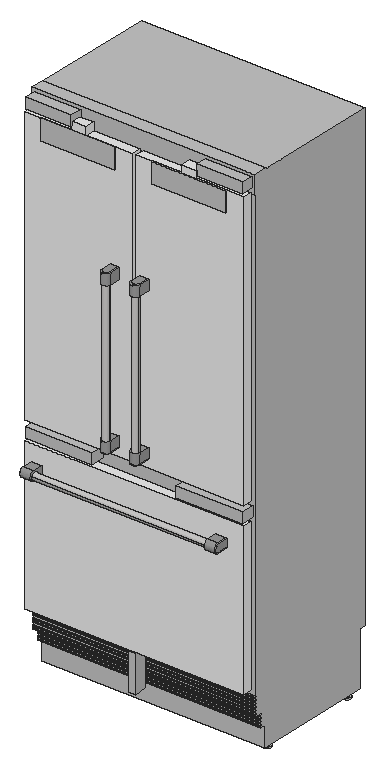
Revit family "FP-Revit20-en-RS9121AUVE1-IntegratedRefrigerator-0-90005532A-AU-NZ-UK-IE-EU-CN", category Specialty Equipment, Revit 2020
Family settings
  Round Connector Dimension = Use Diameter
  Part Type = Normal
  OmniClass Number = 23.40.40.11.11
  OmniClass Title = Refrigerators and Freezers
  Work Plane-Based = No
  Always vertical = Yes
  Cut with Voids When Loaded = Yes
  Shared = No
  Room Calculation Point = No
Parameters (values of type "RS9121AUVE1")
  Visibility - Water Connection = yes
  Visibility - Visibility Control Note = yes
  Visibility - Clearance Required = yes
  URL = "www.fisherpaykel.com"
  Stainless Steel Door Panels (RD9121WRD) = no
  Product - Width = 908 mm  # constant formula
  Product - Height = 2134 mm  # constant formula
  Product - Depth (exl front panel) = 610 mm  # constant formula
  Model = "RS9121AUVE1"
  Material - Handle = Fisher & Paykel - Aluminium
  Material - Door Structure = Fisher & Paykel - White
  Material - Door Front = Fisher & Paykel - Stainless Steel
  Material - Body = Fisher & Paykel - Grey
  Manufacturer = "Fisher & Paykel Appliances"
  Handle Style - Professional Round (AHP3RD9121W) = yes
  Handle Style - Contemporary Square Fine Black (AHD5RD9121WB) = no
  Handle Style - Contemporary Square Fine (AHD5RD9121W) = no
  Handle Style - Contemporary Round (AHSRD9121W) = no
  Description = "Series 11 Integrated Column 90cm"
  Default Elevation = 0 mm
  Connector Description - Water = "1/4\" (6mm) comp. stainless steel braided hose"
  Connector Description - Electrical = "120 V, 10 amp fused electrical supply"
  Cavity - Width = 914 mm  # constant formula
  Cavity - Height = 2134 mm  # constant formula
  Cavity - Depth = 635 mm  # constant formula
Reference planes
  plane 1 "Datum": y = 0
  plane 2: z = 0
  plane 3 "Center (Left/Right)": x = 0
  plane 4 "Product LHS": x = -454
  plane 5 "Product RHS": x = 454
  plane 6 "Product - Depth": y = 610
  plane 7 "Cavity LHS": x = -457
  plane 8 "Cavity RHS": x = 457
  plane 9 "Cavity - Depth": y = 635
  plane 10 "Product Height": z = 2134
  plane 11 "Cavity Height": z = 2134
  plane 12 "Door Panel Datum": y = -4.1
  plane 13 "KNOB 33": x = -390
  plane 14: x = -226
Forms (mm)
  Extrusion 1, solid, material "Fisher & Paykel - Grey" <- "Material - Body", detail levels fine
    sketch origin (0, 0, 0) x (0, 1, 0) y (0, 0, 1)
      loop
        line (100.1, 19.1) -> (587.9, 19.1) -> (587.9, 239.7) -> (610, 239.7) -> (610, 2132.3) -> (105.1, 2132.3) -> (105.1, 2134) -> (49.9, 2134) -> (49.9, 2059) -> (56, 2059) -> (56, 228.6) -> (59.5, 228.6) -> (59.5, 219.7) -> (56.5, 219.7) -> (56.5, 215.9) -> (59.5, 215.9) -> (59.5, 207) -> (56.5, 207) -> (56.5, 203.2) -> (59.5, 203.2) -> (59.5, 194.3) -> (56.5, 194.3) -> (56.5, 190.5) -> (59.5, 190.5) -> (59.5, 181.6) -> (56.5, 181.6) -> (56.5, 177.8) -> (59.5, 177.8) -> (59.5, 168.9) -> (56.5, 168.9) -> (56.5, 165.1) -> (59.5, 165.1) -> (59.5, 156.2) -> (56.5, 156.2) -> (56.5, 152.4) -> (84.1, 152.4) -> (84.1, 143.5) -> (81.1, 143.5) -> (81.1, 139.7) -> (84.1, 139.7) -> (84.1, 130.8) -> (81.1, 130.8) -> (81.1, 127) -> (84.1, 127) -> (84.1, 118.1) -> (81.1, 118.1) -> (81.1, 114.3) -> (84.1, 114.3) -> (84.1, 105.4) -> (81.1, 105.4) -> (81.1, 101.6) -> (100.1, 101.6) -> (100.1, 19.1)
    from -454 to 454
  Extrusion 2, solid, material "Fisher & Paykel - Grey" <- "Material - Body"
    sketch origin (0, 0, 0) x (1, 0, 0) y (0, 1, 0)
      loop
        circle (-433.5, 547.8) r 4.1
      loop
        circle (-433.5, 141.8) r 4.1
      loop
        circle (433.5, 547.8) r 4.1
      loop
        circle (433.5, 141.8) r 4.1
    from 3 to 19.1
  Extrusion 3, solid, material "Fisher & Paykel - Grey" <- "Material - Body"
    sketch origin (0, 0, 0) x (1, 0, 0) y (0, 1, 0)
      loop
        circle (-433.5, 547.8) r 14.5
      loop
        circle (-433.5, 141.8) r 14.555
      loop
        circle (433.5, 547.8) r 14.5
      loop
        circle (433.5, 141.8) r 14.555
    from 0 to 3
  Extrusion 4, solid, material "Fisher & Paykel - Grey" <- "Material - Body", detail levels fine
    sketch origin (0, 0, 0) x (1, 0, 0) y (0, 1, 0)
      loop
        line (-7.5, 49) -> (-13.797, -4.1) -> (13.797, -4.1) -> (7.5, 49) -> (-7.5, 49)
    from 104.2 to 253.8
  Extrusion 5, solid, material "Fisher & Paykel - Grey" <- "Material - Body", detail levels fine
    sketch origin (-226, 32.5, 1200) x (0, 1, 0) y (0, 0, 1)
      loop
        line (-32.5, 870.6) -> (-32.5, 788.6) -> (-30.5, 788.6) -> (-30.5, 868.6) -> (-28.5, 868.6) -> (-28.5, 870.6) -> (-32.5, 870.6)
    from -150 to 150
  Extrusion 6, solid, material "Fisher & Paykel - Grey" <- "Material - Body"
    sketch origin (0, 0, 0) x (1, 0, 0) y (0, 0, 1)
      loop
        circle (379, 119.813) r 5
      loop
        circle (-379, 119.813) r 5
    from -590 to -587.9
  Extrusion 7, solid, material "Fisher & Paykel - White" <- "Material - Door Structure"
    sketch origin (0, 0, 0) x (1, 0, 0) y (0, 1, 0)
      loop
        line (-429, 56) -> (-429, 42) -> (429, 42) -> (429, 56) -> (-429, 56)
    from 951.3 to 2030.7
  Extrusion 8, solid, material "Fisher & Paykel - White" <- "Material - Door Structure"
    sketch origin (0, 0, 0) x (1, 0, 0) y (0, 1, 0)
      loop
        line (-445.4, 42) -> (-445.4, 3) -> (-7, 3) -> (-7, 42) -> (-445.4, 42)
      loop
        line (445.4, 3) -> (445.4, 42) -> (7, 42) -> (7, 3) -> (445.4, 3)
    from 943.8 to 2068.6
  Extrusion 9, solid, material "Fisher & Paykel - White" <- "Material - Door Structure", detail levels fine
    sketch origin (0, 0, 0) x (1, 0, 0) y (0, 0, 1)
      loop
        line (-255.5, 2100.1) -> (-255.5, 2068.6) -> (-196.5, 2068.6) -> (-196.5, 2100.1) -> (-255.5, 2100.1)
    from -42 to -3
  Extrusion 10, solid, material "Fisher & Paykel - Stainless Steel" <- "Material - Door Front", visible <- "Stainless Steel Door Panels (RD9121WRD)"
    sketch origin (0, 0, 0) x (0, 1, 0) y (0, 0, 1)
      loop
        line (-22.1, 2130.8) -> (-22.1, 876.3) -> (-4.1, 876.3) -> (-4.1, 2130.8) -> (-22.1, 2130.8)
      loop
        line (-22.1, 102) -> (-4.1, 102) -> (-4.1, 873.1) -> (-22.1, 873.1) -> (-22.1, 102)
    from -454 to 454
  Extrusion 11, solid, material "Fisher & Paykel - Grey" <- "Material - Body", detail levels coarse+medium
    sketch origin (0, 0, 0) x (0, 1, 0) y (0, 0, 1)
      loop
        line (49.9, 2134) -> (49.9, 2059) -> (56, 2059) -> (56, 152.4) -> (81.1, 152.4) -> (81.1, 101.6) -> (100.1, 101.6) -> (100.1, 19.1) -> (587.9, 19.1) -> (587.9, 239.7) -> (610, 239.7) -> (610, 2134) -> (49.9, 2134)
    from -454 to 454
  Extrusion 12, solid, material "Fisher & Paykel - Grey" <- "Material - Body", detail levels fine
    sketch origin (0, 0, -4) x (0, 1, 0) y (0, 0, 1)
      loop
        arc (163.888, 23.1) -> (180.4, 13.63) -> (196.912, 23.1) r 19.13
        line (196.912, 23.1) -> (163.888, 23.1)
      loop
        arc (493.888, 23.1) -> (510.4, 13.63) -> (526.912, 23.1) r 19.13
        line (526.912, 23.1) -> (493.888, 23.1)
    from 191 to 219
  Extrusion 13, solid, material "Fisher & Paykel - Grey" <- "Material - Body", detail levels fine
    sketch origin (0, 0, -4) x (0, 1, 0) y (0, 0, -1)
      loop
        line (163.888, -23.1) -> (196.912, -23.1)
        arc (196.912, -23.1) -> (180.4, -13.63) -> (163.888, -23.1) r 19.13
      loop
        line (493.888, -23.1) -> (526.912, -23.1)
        arc (526.912, -23.1) -> (510.4, -13.63) -> (493.888, -23.1) r 19.13
    from 191 to 219
  Extrusion 14, solid, material "Fisher & Paykel - Clearance Required", visible <- "Visibility - Clearance Required", detail levels coarse
    sketch origin (0, 0, 0) x (1, 0, 0) y (0, 1, 0)
      loop
        line (-457, 635) -> (-457, -4.1) -> (457, -4.1) -> (457, 635) -> (-457, 635)
    from 0 to 2134
  Extrusion 15, void
    sketch origin (0, 0, 0) x (1, 0, 0) y (0, 1, 0)
      loop
        line (-457, 635) -> (-457, -22.1) -> (457, -22.1) -> (457, 635) -> (-457, 635)
    from 0 to 2134
  Extrusion 16, solid, material "Fisher & Paykel - White" <- "Material - Door Structure"
    sketch origin (0, 0, 0) x (1, 0, 0) y (0, 1, 0)
      loop
        line (-445.4, 42) -> (-445.4, 3) -> (445.4, 3) -> (445.4, 42) -> (-445.4, 42)
    from 253.8 to 868.15
  Extrusion 17, solid, material "Fisher & Paykel - White" <- "Material - Door Structure"
    sketch origin (0, 0, 0) x (1, 0, 0) y (0, 1, 0)
      loop
        line (-429, 56) -> (-429, 42) -> (429, 42) -> (429, 56) -> (-429, 56)
    from 269.2 to 858.13
  Extrusion 18, solid, material "Fisher & Paykel - Clearance Required", visible <- "Visibility - Clearance Required", detail levels coarse
    sketch origin (0, 0, 0) x (0, 1, 0) y (0, 0, 1)
      loop
        line (-422.1, 873.1) -> (-422.1, 818.896) -> (-482.1, 818.896) -> (-482.1, 781.896) -> (-422.1, 781.896) -> (-422.1, 101.6) -> (-22.1, 101.6) -> (-22.1, 873.1) -> (-422.1, 873.1)
    from -454 to 454
  Extrusion 19, solid, material "Fisher & Paykel - Clearance Required", visible <- "Visibility - Clearance Required", detail levels coarse
    sketch origin (0, -0.697, 0) x (-1, 0, 0) y (0, -1, 0)
      loop
        arc (-1.5, 21.403) -> (-134.034, 341.369) -> (-454, 473.903) r 452.5
        line (-454, 473.903) -> (-454, 433.258) -> (-514, 433.258) -> (-514, 396.188) -> (-454, 396.188) -> (-454, 21.403) -> (-1.5, 21.403)
      loop
        line (1.5, 21.403) -> (454, 21.403) -> (454, 396.188) -> (514, 396.188) -> (514, 433.258) -> (454, 433.258) -> (454, 473.903)
        arc (454, 473.903) -> (134.034, 341.369) -> (1.5, 21.403) r 452.5
    from 876.3 to 2134
  Extrusion 20, solid, material "Fisher & Paykel - Grey" <- "Material - Body", detail levels coarse+fine
    sketch origin (0, 0, 0) x (1, 0, 0) y (0, 0, 1)
      loop
        line (442.4, 2123.15) -> (255.5, 2123.15) -> (255.5, 2081.05) -> (442.4, 2081.05) -> (442.4, 2123.15)
      loop
        line (-442.4, 2123.15) -> (-442.4, 2081.05) -> (-255.5, 2081.05) -> (-255.5, 2123.15) -> (-442.4, 2123.15)
    from -49 to -2.5
  Extrusion 21, solid, material "Fisher & Paykel - Grey" <- "Material - Body", detail levels fine
    sketch origin (0, 0, 0) x (1, 0, 0) y (0, 0, 1)
      loop
        line (442.4, 877.25) -> (442.4, 919.35) -> (171.42, 919.35) -> (171.42, 877.25) -> (442.4, 877.25)
    from -56 to -2.5
  Extrusion 22, void
    sketch origin (0, -22.1, 1890.8) x (0, 0, 1) y (-1, 0, 0)
      loop
        line (240, 1.5) -> (-1014.5, 1.5) -> (-1014.5, -1.5) -> (240, -1.5) -> (240, 1.5)
    from 0 to -18
  Extrusion 23, solid, material "Fisher & Paykel - Grey" <- "Material - Body", detail levels fine
    sketch origin (226, 32.5, 1200) x (0, 1, 0) y (0, 0, -1)
      loop
        line (-32.5, -870.6) -> (-28.5, -870.6) -> (-28.5, -868.6) -> (-30.5, -868.6) -> (-30.5, -788.6) -> (-32.5, -788.6) -> (-32.5, -870.6)
    from -150 to 150
  Extrusion 24, solid, material "Fisher & Paykel - White" <- "Material - Door Structure", detail levels fine
    sketch origin (0, 0, 0) x (-1, 0, 0) y (0, 0, -1)
      loop
        line (-255.5, -2100.1) -> (-196.5, -2100.1) -> (-196.5, -2068.6) -> (-255.5, -2068.6) -> (-255.5, -2100.1)
    from -42 to -3
  Extrusion 25, solid, material "Fisher & Paykel - Grey" <- "Material - Body", detail levels fine
    sketch origin (0, 0, 0) x (-1, 0, 0) y (0, 0, -1)
      loop
        line (442.4, -877.25) -> (171.42, -877.25) -> (171.42, -919.35) -> (442.4, -919.35) -> (442.4, -877.25)
    from -56 to -2.5
Cuts and joins
  Extrusion 22 cuts Extrusion 10
  Extrusion 22 cuts Extrusion 19
Lines and regions (mm)
  model lines, style "Fisher & Paykel"
    curve 1: line (-454, -4.1, 2130.8) -> (454, -4.1, 2130.8)
    curve 2: line (-454, -4.1, 876.3) -> (-454, -4.1, 2130.8)
    curve 3: line (454, -4.1, 876.3) -> (-454, -4.1, 876.3)
    curve 4: line (454, -4.1, 2130.8) -> (454, -4.1, 876.3)
    curve 5: line (454, -4.1, 873.1) -> (-454, -4.1, 873.1)
    curve 6: line (454, -4.1, 102) -> (454, -4.1, 873.1)
    curve 7: line (-454, -4.1, 102) -> (454, -4.1, 102)
    curve 8: line (-454, -4.1, 873.1) -> (-454, -4.1, 102)
Text (mm)
  text "Due to ongoing product development, product details are subject to change without notice. \nPlease always refer to www.fisherpaykel.com for the most current product information. \n© Fisher & Paykel 2020" at (41.04, -878.295, 0), in view "Ref. Level (Plan)"
Dimensions and locks
  equal spacing: plane 4 "Product LHS", plane 3 "Center (Left/Right)", plane 5 "Product RHS"
  "Product - Width": plane 4 "Product LHS" to plane 5 "Product RHS"
  "Product - Depth (exl front panel)": plane 1 "Datum" to plane 6 "Product - Depth"
  equal spacing: plane 7 "Cavity LHS", plane 3 "Center (Left/Right)", plane 8 "Cavity RHS"
  "Cavity - Width": plane 7 "Cavity LHS" to plane 8 "Cavity RHS"
  "Cavity - Depth": plane 9 "Cavity - Depth" to plane 1 "Datum"
  plane 4 "Product LHS" to Extrusion 2 sketch curve = 24.6 mm
  Extrusion 6 sketch curve to Extrusion 1 = 119.887 mm  (x2)
  Extrusion 6 sketch curve to plane 5 "Product RHS" = 75 mm
  plane 4 "Product LHS" to Extrusion 6 sketch curve = 75 mm
  Extrusion 1 sketch curve to Extrusion 1 sketch curve = 82.5 mm
  Extrusion 1 sketch curve to Extrusion 1 sketch curve = 209.5 mm
  Extrusion 1 sketch curve to Extrusion 1 sketch curve = 220.6 mm
  Extrusion 3 to level = 3 mm
  Extrusion 11 to Extrusion 8 = 924.7 mm
  Extrusion 11 to Extrusion 7 = 932.2 mm
  Extrusion 11 to Extrusion 11 = 2114.9 mm
  Extrusion 11 to Extrusion 10 = 82.9 mm
  "Product - Height": level to plane 10 "Product Height"
  plane 10 "Product Height" to Extrusion 10 = 3.2 mm
  Extrusion 8 to plane 10 "Product Height" = 65.4 mm
  Extrusion 7 to plane 10 "Product Height" = 103.3 mm
  Extrusion 11 sketch curve to plane 10 "Product Height" = 75 mm
  Extrusion 1 sketch curve to plane 10 "Product Height" = 1.7 mm
  Extrusion 1 sketch curve to plane 10 "Product Height" = 75 mm
  "Cavity - Height": plane 11 "Cavity Height" to level
  plane 1 "Datum" to Extrusion 14 = 635 mm
  plane 1 "Datum" to Extrusion 15 = 635 mm
  Extrusion 15 to level = 2134 mm
  radius of Extrusion 6 sketch curve = 5 mm
  aligned and locked: level to plane 2
  aligned and locked: Extrusion 10 to plane 5 "Product RHS"
  aligned and locked: plane 4 "Product LHS" to Extrusion 10
  aligned and locked: Extrusion 11 to plane 5 "Product RHS"
  aligned and locked: Extrusion 11 to plane 4 "Product LHS"
  aligned and locked: Extrusion 11 sketch curve to plane 10 "Product Height"
  aligned and locked: plane 10 "Product Height" to Extrusion 1 sketch curve
  aligned and locked: Extrusion 12 sketch curve to Extrusion 12 sketch curve
  aligned and locked: Extrusion 13 sketch curve to Extrusion 13 sketch curve
  aligned and locked: Extrusion 1 to plane 5 "Product RHS"
  aligned and locked: plane 4 "Product LHS" to Extrusion 1
  aligned and locked: Extrusion 1 to Extrusion 18
  aligned and locked: Extrusion 18 to Extrusion 1
  aligned and locked: Extrusion 22 to Extrusion 4
Automatic sketch dimensions
  Extrusion 1 sketch curve to plane 6 "Product - Depth" = 0 mm
  Extrusion 1 sketch curve to Extrusion 1 sketch curve = 22.1 mm
  Extrusion 1 sketch curve to plane 1 "Datum" = 105.1 mm
  level to Extrusion 1 sketch curve = 19.1 mm
  Extrusion 1 sketch curve to plane 1 "Datum" = 100.1 mm
  Extrusion 1 sketch curve to Extrusion 1 sketch curve = 16 mm
  Extrusion 1 sketch curve to Extrusion 1 sketch curve = 0 mm  (x8)
  Extrusion 1 sketch curve to Extrusion 1 sketch curve = 3 mm  (x10)
  Extrusion 1 sketch curve to plane 1 "Datum" = 59.5 mm
  Extrusion 1 sketch curve to plane 1 "Datum" = 56 mm
  Extrusion 1 sketch curve to plane 1 "Datum" = 49.9 mm
  Extrusion 1 sketch curve to Extrusion 1 sketch curve = 3.8 mm  (x10)
  Extrusion 1 sketch curve to Extrusion 1 sketch curve = 8.9 mm  (x9)
  Extrusion 2 sketch curve to plane 4 "Product LHS" = 20.5 mm  (x2)
  plane 5 "Product RHS" to Extrusion 2 sketch curve = 20.5 mm  (x2)
  Extrusion 2 sketch curve to plane 1 "Datum" = 141.8 mm  (x2)
  Extrusion 2 sketch curve to plane 6 "Product - Depth" = 62.2 mm  (x2)
  Extrusion 3 sketch curve to plane 4 "Product LHS" = 20.5 mm  (x2)
  plane 5 "Product RHS" to Extrusion 3 sketch curve = 20.5 mm  (x2)
  Extrusion 3 sketch curve to plane 1 "Datum" = 141.8 mm  (x2)
  Extrusion 3 sketch curve to plane 6 "Product - Depth" = 62.2 mm  (x2)
  Extrusion 4 sketch curve to plane 12 "Door Panel Datum" = 0 mm
  Extrusion 4 sketch curve to plane 3 "Center (Left/Right)" = 13.797 mm
  Extrusion 4 sketch curve to plane 3 "Center (Left/Right)" = 7.5 mm
  plane 3 "Center (Left/Right)" to Extrusion 4 sketch curve = 7.5 mm
  plane 3 "Center (Left/Right)" to Extrusion 4 sketch curve = 13.797 mm
  Extrusion 4 sketch curve to plane 1 "Datum" = 49 mm
  Extrusion 5 sketch curve to plane 1 "Datum" = 0 mm
  Extrusion 5 sketch curve to plane 1 "Datum" = 2 mm
  Extrusion 5 sketch curve to Extrusion 5 sketch curve = 2 mm  (x2)
  plane 10 "Product Height" to Extrusion 5 sketch curve = 145.4 mm
  plane 10 "Product Height" to Extrusion 5 sketch curve = 65.4 mm
  Extrusion 7 sketch curve to plane 4 "Product LHS" = 25 mm
  plane 5 "Product RHS" to Extrusion 7 sketch curve = 25 mm
  Extrusion 7 sketch curve to plane 1 "Datum" = 42 mm
  Extrusion 7 sketch curve to Extrusion 7 sketch curve = 14 mm
  Extrusion 8 sketch curve to plane 4 "Product LHS" = 8.6 mm
  Extrusion 8 sketch curve to plane 1 "Datum" = 3 mm  (x2)
  Extrusion 8 sketch curve to plane 3 "Center (Left/Right)" = 7 mm
  plane 3 "Center (Left/Right)" to Extrusion 8 sketch curve = 7 mm
  plane 5 "Product RHS" to Extrusion 8 sketch curve = 8.6 mm
  Extrusion 8 sketch curve to Extrusion 8 sketch curve = 39 mm
  Extrusion 8 sketch curve to Extrusion 8 sketch curve = 0 mm
  Extrusion 9 sketch curve to plane 14 = 29.5 mm
  plane 14 to Extrusion 9 sketch curve = 29.5 mm
  plane 10 "Product Height" to Extrusion 9 sketch curve = 65.4 mm
  Extrusion 9 sketch curve to Extrusion 9 sketch curve = 31.5 mm
  Extrusion 10 sketch curve to plane 12 "Door Panel Datum" = 0 mm  (x2)
  plane 10 "Product Height" to Extrusion 10 sketch curve = 3.2 mm
  Extrusion 10 sketch curve to plane 12 "Door Panel Datum" = 18 mm
  Extrusion 10 sketch curve to Extrusion 10 sketch curve = 0 mm
  level to Extrusion 10 sketch curve = 876.3 mm
  Extrusion 10 sketch curve to Extrusion 10 sketch curve = 3.2 mm
  level to Extrusion 10 sketch curve = 102 mm
  Extrusion 11 sketch curve to plane 6 "Product - Depth" = 0 mm
  Extrusion 11 sketch curve to plane 6 "Product - Depth" = 22.1 mm
  Extrusion 11 sketch curve to plane 1 "Datum" = 100.1 mm
  Extrusion 11 sketch curve to Extrusion 11 sketch curve = 19 mm
  Extrusion 11 sketch curve to plane 1 "Datum" = 56 mm
  Extrusion 11 sketch curve to plane 1 "Datum" = 49.9 mm
  level to Extrusion 11 sketch curve = 239.7 mm
  level to Extrusion 11 sketch curve = 152.4 mm
  Extrusion 11 sketch curve to Extrusion 11 sketch curve = 50.8 mm
  level to Extrusion 11 sketch curve = 19.1 mm
  level to Extrusion 12 sketch curve = 19.1 mm
  Extrusion 12 sketch curve to plane 1 "Datum" = 163.888 mm
  Extrusion 12 sketch curve to Extrusion 12 sketch curve = 16.512 mm  (x2)
  Extrusion 12 sketch curve to plane 6 "Product - Depth" = 116.112 mm
  Extrusion 12 sketch curve to Extrusion 12 sketch curve = 9.66 mm  (x2)
  level to Extrusion 13 sketch curve = 19.1 mm
  Extrusion 13 sketch curve to plane 1 "Datum" = 163.888 mm
  Extrusion 13 sketch curve to Extrusion 13 sketch curve = 16.512 mm  (x2)
  Extrusion 13 sketch curve to plane 6 "Product - Depth" = 116.112 mm
  Extrusion 13 sketch curve to Extrusion 13 sketch curve = 9.66 mm  (x2)
  Extrusion 14 sketch curve to plane 7 "Cavity LHS" = 0 mm
  Extrusion 14 sketch curve to plane 8 "Cavity RHS" = 0 mm
  Extrusion 14 sketch curve to plane 12 "Door Panel Datum" = 0 mm
  Extrusion 14 sketch curve to plane 9 "Cavity - Depth" = 0 mm
  Extrusion 15 sketch curve to plane 7 "Cavity LHS" = 0 mm
  Extrusion 15 sketch curve to plane 8 "Cavity RHS" = 0 mm
  Extrusion 15 sketch curve to plane 9 "Cavity - Depth" = 0 mm
  Extrusion 15 sketch curve to plane 12 "Door Panel Datum" = 18 mm
  Extrusion 16 sketch curve to plane 1 "Datum" = 3 mm
  Extrusion 16 sketch curve to plane 4 "Product LHS" = 8.6 mm
  plane 5 "Product RHS" to Extrusion 16 sketch curve = 8.6 mm
  Extrusion 16 sketch curve to Extrusion 16 sketch curve = 39 mm
  Extrusion 17 sketch curve to plane 4 "Product LHS" = 25 mm
  plane 5 "Product RHS" to Extrusion 17 sketch curve = 25 mm
  Extrusion 17 sketch curve to plane 1 "Datum" = 42 mm
  Extrusion 17 sketch curve to Extrusion 17 sketch curve = 14 mm
  Extrusion 18 sketch curve to plane 12 "Door Panel Datum" = 478 mm
  Extrusion 18 sketch curve to Extrusion 18 sketch curve = 60 mm
  Extrusion 18 sketch curve to Extrusion 18 sketch curve = 0 mm
  Extrusion 18 sketch curve to plane 12 "Door Panel Datum" = 18 mm
  level to Extrusion 18 sketch curve = 101.6 mm
  Extrusion 18 sketch curve to Extrusion 18 sketch curve = 680.296 mm
  Extrusion 18 sketch curve to Extrusion 18 sketch curve = 37 mm
  Extrusion 18 sketch curve to Extrusion 18 sketch curve = 54.204 mm
  Extrusion 19 sketch curve to plane 5 "Product RHS" = 0 mm  (x2)
  Extrusion 19 sketch curve to plane 4 "Product LHS" = 0 mm  (x2)
  plane 8 "Cavity RHS" to Extrusion 19 sketch curve = 57 mm
  Extrusion 19 sketch curve to plane 3 "Center (Left/Right)" = 1.5 mm
  plane 3 "Center (Left/Right)" to Extrusion 19 sketch curve = 1.5 mm
  Extrusion 19 sketch curve to plane 7 "Cavity LHS" = 57 mm
  plane 12 "Door Panel Datum" to Extrusion 19 sketch curve = 470.5 mm  (x2)
  Extrusion 19 sketch curve to Extrusion 19 sketch curve = 40.645 mm  (x2)
  Extrusion 19 sketch curve to Extrusion 19 sketch curve = 37.07 mm  (x2)
  plane 5 "Product RHS" to curve 5 = 0 mm
  plane 5 "Product RHS" to curve 1 = 0 mm
  plane 4 "Product LHS" to curve 5 = 0 mm
  plane 4 "Product LHS" to curve 2 = 0 mm
  level to curve 6 = 102 mm
  curve 6 to curve 6 = 771.1 mm
  curve 5 to curve 2 = 3.2 mm
  plane 10 "Product Height" to curve 2 = 3.2 mm
  Extrusion 20 sketch curve to plane 4 "Product LHS" = 11.6 mm
  Extrusion 20 sketch curve to plane 14 = 29.5 mm
  plane 10 "Product Height" to Extrusion 20 sketch curve = 10.85 mm  (x2)
  plane 5 "Product RHS" to Extrusion 20 sketch curve = 198.5 mm
  plane 5 "Product RHS" to Extrusion 20 sketch curve = 11.6 mm
  Extrusion 20 sketch curve to Extrusion 20 sketch curve = 42.1 mm  (x2)
  plane 3 "Center (Left/Right)" to Extrusion 21 sketch curve = 171.42 mm
  plane 5 "Product RHS" to Extrusion 21 sketch curve = 11.6 mm
  level to Extrusion 21 sketch curve = 877.25 mm
  Extrusion 21 sketch curve to Extrusion 21 sketch curve = 42.1 mm
  Extrusion 22 sketch curve to Extrusion 10 = 0 mm  (x2)
  Extrusion 10 to Extrusion 22 sketch curve = 452.5 mm
  Extrusion 22 sketch curve to Extrusion 22 sketch curve = 3 mm
  Extrusion 23 sketch curve to plane 1 "Datum" = 0 mm
  Extrusion 23 sketch curve to plane 1 "Datum" = 2 mm
  Extrusion 23 sketch curve to Extrusion 23 sketch curve = 2 mm  (x2)
  plane 10 "Product Height" to Extrusion 23 sketch curve = 63.4 mm
  Extrusion 23 sketch curve to Extrusion 23 sketch curve = 80 mm
  Extrusion 24 sketch curve to plane 10 "Product Height" = 65.4 mm
  Extrusion 24 sketch curve to plane 5 "Product RHS" = 198.5 mm
  Extrusion 24 sketch curve to Extrusion 24 sketch curve = 59 mm
  Extrusion 24 sketch curve to Extrusion 24 sketch curve = 31.5 mm
  Extrusion 25 sketch curve to plane 14 = 54.58 mm
  plane 4 "Product LHS" to Extrusion 25 sketch curve = 11.6 mm
  Extrusion 25 sketch curve to level = 877.25 mm
  Extrusion 25 sketch curve to Extrusion 25 sketch curve = 42.1 mm
  radius of Extrusion 2 sketch curve = 4.1 mm  (x3)
  radius of Extrusion 3 sketch curve = 14.5 mm  (x2)
  radius of Extrusion 3 sketch curve = 14.555 mm  (x2)
  radius of Extrusion 6 sketch curve = 5 mm
Nested families
  nested 1: "Visibility Control Note 18" at (0, 0, 0), visible <- "Visibility - Visibility Control Note", type "Visibility Control Note 18"
  nested 2: "Handle Contemporary Square - Horizontal" at (0, -22.1, 800.364), type "AHD3RD3684W - Contemporary square handle (2 of 2) (Horizontal) 798mm", not visible
  nested 3: "F&P Handle Kit - Contemporary Square Fine - Horizontal" at (0, -22.1, 800.364), type "AHD5RD3684WB - Contemporary square fine black handle (2 of 2) (Horizontal) 798mm", not visible
  nested 4: "F&P Handle Kit - Contemporary Square Fine - Horizontal" at (0, -22.1, 800.364), visible <- "Handle Style - Contemporary Square Fine Black (AHD5RD9121WB)", type "AHD5RD3684WB - Contemporary square fine black handle (2 of 2) (Horizontal) 798mm"
  nested 5: "Handle Contemporary Round - Horizontal" at (0, -22.1, 800), visible <- "Handle Style - Contemporary Round (AHSRD9121W)", type "AHSRD3684W - Contemporary round handle (2 of 2) (Horizontal) 798mm"
  nested 6: "F&P Handle Kit - Contemporary Square Fine - Horizontal" at (0, -22.1, 799.994), visible <- "Handle Style - Contemporary Square Fine (AHD5RD9121W)", type "AHD5RD3684W - Contemporary square fine handle (2 of 2) (Horizontal) 798mm"
  nested 7: "F&P Handle Kit - Contemporary Square Fine - Vertical" at (-60, -22.1, 1322.58) x (-1, 0, 0) z (0, 0, 1), visible <- "Handle Style - Contemporary Square Fine Black (AHD5RD9121WB)", type "AHD5RD9121WB - Contemporary square fine black handle (1 of 2) (Vertical) 727mm"
  nested 8: "F&P Handle Kit - Contemporary Square Fine - Vertical" at (-60.3, -22.1, 1322.58) x (-1, 0, 0) z (0, 0, 1), visible <- "Handle Style - Contemporary Square Fine (AHD5RD9121W)", type "AHD5RD9121W - Contemporary square fine handle (1 of 2) (Vertical) 727mm"
  nested 9: "Handle Contemporary Round - Vertical" at (-60, -22.1, 1322.58) x (-1, 0, 0) z (0, 0, 1), visible <- "Handle Style - Contemporary Round (AHSRD9121W)", type "AHSRD9121W - Contemporary round handle (1 of 2) (Vertical) 727mm"
  nested 10: "Handle Professional Round - Horizontal" at (0, -22.1, 800.342), visible <- "Handle Style - Professional Round (AHP3RD9121W)", type "AHP3RD9121W - Professional round handle (2 of 2) (Horizontal) 798mm"
  nested 11: "Handle Professional Round - Vertical" at (-60, -22.1, 1322.58), visible <- "Handle Style - Professional Round (AHP3RD9121W)", type "AHP3RD9121W - Professional round handle (1 of 2) (Vertical) 661mm"
  nested 12: "F&P Handle Kit - Contemporary Square Fine - Vertical" at (60, -22.1, 1322.58), visible <- "Handle Style - Contemporary Square Fine Black (AHD5RD9121WB)", type "AHD5RD9121WB - Contemporary square fine black handle (1 of 2) (Vertical) 727mm"
  nested 13: "F&P Handle Kit - Contemporary Square Fine - Vertical" at (60.3, -22.1, 1322.58), visible <- "Handle Style - Contemporary Square Fine (AHD5RD9121W)", type "AHD5RD9121W - Contemporary square fine handle (1 of 2) (Vertical) 727mm"
  nested 14: "Handle Contemporary Round - Vertical" at (60, -22.1, 1322.58), visible <- "Handle Style - Contemporary Round (AHSRD9121W)", type "AHSRD9121W - Contemporary round handle (1 of 2) (Vertical) 727mm"
  nested 15: "Handle Professional Round - Vertical" at (60, -22.1, 1322.58) x (-1, 0, 0) z (0, 0, 1), visible <- "Handle Style - Professional Round (AHP3RD9121W)", type "AHP3RD9121W - Professional round handle (1 of 2) (Vertical) 661mm"
Connectors
  electrical at (-379, 590, 119.813), driven by "Connector Description - Electrical"
    settings: on Extrusion 6, index 1, voltage 120 V, apparent load 0 VA, apparent load phase1 0 VA, apparent load phase2 0 VA, apparent load phase3 0 VA, power factor 1, load classification "Other", number of poles 1, system type 30, power factor state 1, is connector primary yes, connector utility no, sub classification motor no, connector description "120 V, 10 amp fused electrical supply"
  piping at (379, 590, 119.813), diameter 12.7, driven by "Visibility - Water Connection", driven by "Connector Description - Water"
    settings: on Extrusion 6, index 2, connector inside diameter 609.6 mm, connector length 0 mm, flow factor 0, pipe flow 0.0 L/s, pressure drop 0.0 Pa, fitting loss kfactor 0, connector angle 0.00°, fixture units 0, engagement length 0 mm, angle of deflection 0.00°, flow configuration 0, flow direction 1, fitting loss method 0, system type 20, joint type 0, gender type 0, connector reference index -1, connector utility 1, adjustable connector no, is connector primary yes, connector description "1/4\" (6mm) comp. stainless steel braided hose"
Definition of nested family "Handle Contemporary Square - Horizontal"
  Parameters (values of type "AHD3RD3684W - Contemporary square handle (2 of 2) (Horizontal) 798mm")
    URL = "www.fisherpaykel.com"
    Material - Handle = none
    Manufacturer = "Fisher & Paykel Appliances"
    Handle - Length = 798 mm
    Default Elevation = 0 mm
  Types (2, lengths in mm): name | Handle - Length
    AHD3RD3084W - Contemporary square handle (2 of 2) (Horizontal) 646mm | 646
    AHD3RD3684W - Contemporary square handle (2 of 2) (Horizontal) 798mm | 798
  Reference planes
    plane 1 "Center (Front/Back)": y = 0
    plane 2: z = 0
    plane 3 "Center (Left/Right)": x = 0
    plane 4 "Product LHS": x = -399
    plane 5 "Product RHS": x = 399
    plane 6 "LHS Standoff": x = -278.995
    plane 7 "RHS Standoff": x = 279.005
  Forms (mm)
    Extrusion 1, solid, material <- "Material - Handle", detail levels fine
      sketch origin (0, 0, 0) x (0, 1, 0) y (0, 0, 1)
        loop
          arc (-28.701, 7.561) -> (-29.057, 7.868) -> (-29.514, 7.978) r 1
          line (-29.514, 7.978) -> (-40.5, 7.978)
          arc (-40.5, 7.978) -> (-41.561, 7.539) -> (-42, 6.478) r 1.5
          line (-42, 6.478) -> (-42, -6.522)
          arc (-42, -6.522) -> (-41.561, -7.583) -> (-40.5, -8.022) r 1.5
          line (-40.5, -8.022) -> (-29.487, -8.022)
          arc (-29.487, -8.022) -> (-29.029, -7.911) -> (-28.673, -7.602) r 1
          arc (-28.673, -7.602) -> (-26.256, -0.016) -> (-28.701, 7.561) r 13.038
      from -399 to 399
    Extrusion 2, solid, material <- "Material - Handle", detail levels fine
      sketch origin (0, 0, 0) x (0, 1, 0) y (0, 0, 1)
        loop
          arc (-28.23, 7.062) -> (-26.156, 0.008) -> (-28.198, -7.056) r 13.136
          arc (-28.198, -7.056) -> (-28.21, -7.463) -> (-27.86, -7.67) r 0.4
          line (-27.86, -7.67) -> (0, -7.67) -> (0, 7.678) -> (-27.893, 7.678)
          arc (-27.893, 7.678) -> (-28.244, 7.47) -> (-28.23, 7.062) r 0.4
      from 279.005 to 399
    Extrusion 3, solid, material <- "Material - Handle", detail levels fine
      sketch origin (0, 0, 0) x (0, 1, 0) y (0, 0, -1)
        loop
          arc (-28.23, -7.062) -> (-28.244, -7.47) -> (-27.893, -7.678) r 0.4
          line (-27.893, -7.678) -> (0, -7.678) -> (0, 7.67) -> (-27.86, 7.67)
          arc (-27.86, 7.67) -> (-28.21, 7.463) -> (-28.198, 7.056) r 0.4
          arc (-28.198, 7.056) -> (-26.156, -0.008) -> (-28.23, -7.062) r 13.136
      from 278.995 to 399
    Sweep 4, void
      path in 3D
        loop
          line (399, -29.514, 7.978) -> (399, -40.5, 7.978)
          arc (399, -40.5, 7.978) -> (399, -41.561, 7.539) -> (399, -42, 6.478) r 1.5
          line (399, -42, 6.478) -> (399, -42, -6.522)
          arc (399, -42, -6.522) -> (399, -41.561, -7.583) -> (399, -40.5, -8.022) r 1.5
          line (399, -40.5, -8.022) -> (399, -29.487, -8.022)
      profile origin (399, -35.007, 7.978) x (1, 0, 0) y (0, 0, 1)
        loop
          line (0, 0) -> (-1.3, 0) -> (0, -1.3) -> (0, 0)
    Sweep 5, void
      path in 3D
        loop
          line (-399, -29.487, -8.022) -> (-399, -40.5, -8.022)
          arc (-399, -40.5, -8.022) -> (-399, -41.561, -7.583) -> (-399, -42, -6.522) r 1.5
          line (-399, -42, -6.522) -> (-399, -42, 6.478)
          arc (-399, -42, 6.478) -> (-399, -41.561, 7.539) -> (-399, -40.5, 7.978) r 1.5
          line (-399, -40.5, 7.978) -> (-399, -29.514, 7.978)
      profile origin (-399, -35.007, 7.978) x (-1, 0, 0) y (0, 0, 1)
        loop
          line (0, 0) -> (-1.3, 0) -> (0, -1.3) -> (0, 0)
    Extrusion 6, void
      sketch origin (0, 0, 0) x (1, 0, 0) y (0, 0, 1)
        loop
          line (399, 7.978) -> (397.7, 7.978) -> (399, 6.678) -> (399, 7.978)
        loop
          line (399, -8.022) -> (399, -6.722) -> (397.7, -8.022) -> (399, -8.022)
      from 0 to 40
    Extrusion 7, void
      sketch origin (0, 0, 0) x (1, 0, 0) y (0, 0, 1)
        loop
          line (-399, 7.978) -> (-399, 6.678) -> (-397.7, 7.978) -> (-399, 7.978)
        loop
          line (-399, -8.022) -> (-397.7, -8.022) -> (-399, -6.722) -> (-399, -8.022)
      from 0 to 40
    Extrusion 8, solid, material <- "Material - Handle", detail levels coarse+medium
      sketch origin (0, 0, 0) x (1, 0, 0) y (0, 1, 0)
        loop
          line (-399, -42) -> (399, -42) -> (399, 0) -> (279.005, 0) -> (279.005, -26.156) -> (-278.995, -26.156) -> (-278.995, 0) -> (-399, 0) -> (-399, -42)
      from -8.022 to 7.978
  Cuts and joins
    Sweep 4, Sweep 5, Extrusion 6, Extrusion 7 cuts Extrusion 1
    Extrusion 6 cuts Extrusion 2
    Extrusion 7 cuts Extrusion 3
  Lines and regions (mm)
    sketch lines
      curve 1: line (399, -29.514, 7.978) -> (399, -40.5, 7.978)
      curve 2: arc (399, -42, 6.478) -> (399, -41.561, 7.539) -> (399, -40.5, 7.978) r 1.5
      curve 3: line (399, -42, 6.478) -> (399, -42, -6.522)
      curve 4: arc (399, -40.5, -8.022) -> (399, -41.561, -7.583) -> (399, -42, -6.522) r 1.5
      curve 5: line (399, -40.5, -8.022) -> (399, -29.487, -8.022)
      curve 6: line (-399, -40.5, 7.978) -> (-399, -29.514, 7.978)
      curve 7: arc (-399, -40.5, 7.978) -> (-399, -41.561, 7.539) -> (-399, -42, 6.478) r 1.5
      curve 8: line (-399, -42, -6.522) -> (-399, -42, 6.478)
      curve 9: arc (-399, -42, -6.522) -> (-399, -41.561, -7.583) -> (-399, -40.5, -8.022) r 1.5
      curve 10: line (-399, -29.487, -8.022) -> (-399, -40.5, -8.022)
  Dimensions and locks
    equal spacing: plane 4 "Product LHS", plane 3 "Center (Left/Right)", plane 5 "Product RHS"
    "Handle - Length": plane 4 "Product LHS" to plane 5 "Product RHS"
    locked: plane 4 "Product LHS" to plane 6 "LHS Standoff" at 120.005
    locked: plane 7 "RHS Standoff" to plane 5 "Product RHS" at 119.995
    aligned and locked: level to plane 2
    aligned and locked: Extrusion 1 to plane 5 "Product RHS"
    aligned and locked: plane 4 "Product LHS" to Extrusion 1
    aligned and locked: Extrusion 2 to plane 5 "Product RHS"
    aligned and locked: plane 4 "Product LHS" to Extrusion 3
    aligned and locked: plane 4 "Product LHS" to Extrusion 8 sketch curve
    aligned and locked: Extrusion 8 sketch curve to plane 5 "Product RHS"
    aligned and locked: Extrusion 8 sketch curve to plane 7 "RHS Standoff"
    aligned and locked: plane 6 "LHS Standoff" to Extrusion 8 sketch curve
    aligned and locked: Extrusion 2 to plane 7 "RHS Standoff"
    aligned and locked: plane 6 "LHS Standoff" to Extrusion 3
  Automatic sketch dimensions
    Extrusion 1 sketch curve to level = 6.522 mm
    plane 1 "Center (Front/Back)" to Extrusion 1 sketch curve = 42 mm
    Extrusion 1 sketch curve to Extrusion 1 sketch curve = 1.5 mm  (x2)
    Extrusion 1 sketch curve to level = 0.04 mm
    Extrusion 1 sketch curve to Extrusion 1 sketch curve = 1.206 mm
    level to Extrusion 1 sketch curve = 6.978 mm
    Extrusion 1 sketch curve to Extrusion 1 sketch curve = 10.986 mm
    Extrusion 1 sketch curve to Extrusion 1 sketch curve = 11.013 mm
    Extrusion 1 sketch curve to Extrusion 1 sketch curve = 1 mm
    level to Extrusion 1 sketch curve = 6.478 mm
    Extrusion 1 sketch curve to Extrusion 1 sketch curve = 0 mm
    Extrusion 2 sketch curve to plane 1 "Center (Front/Back)" = 0 mm
    Extrusion 2 sketch curve to level = 7.67 mm
    Extrusion 2 sketch curve to Extrusion 2 sketch curve = 27.86 mm
    level to Extrusion 2 sketch curve = 7.678 mm
    Extrusion 2 sketch curve to Extrusion 2 sketch curve = 0.033 mm
    Extrusion 2 sketch curve to level = 0.022 mm
    Extrusion 2 sketch curve to Extrusion 2 sketch curve = 11.398 mm
    Extrusion 2 sketch curve to Extrusion 2 sketch curve = 0.4 mm  (x2)
    Extrusion 2 sketch curve to Extrusion 2 sketch curve = 0 mm
    Extrusion 3 sketch curve to plane 1 "Center (Front/Back)" = 0 mm
    Extrusion 3 sketch curve to level = 7.67 mm
    Extrusion 3 sketch curve to Extrusion 3 sketch curve = 27.86 mm
    level to Extrusion 3 sketch curve = 7.678 mm
    Extrusion 3 sketch curve to Extrusion 3 sketch curve = 0.033 mm
    Extrusion 3 sketch curve to level = 0.022 mm
    Extrusion 3 sketch curve to Extrusion 3 sketch curve = 11.398 mm
    Extrusion 3 sketch curve to Extrusion 3 sketch curve = 0.4 mm  (x2)
    Extrusion 3 sketch curve to Extrusion 3 sketch curve = 0 mm
    profile plane to Sweep 4 sketch curve = 0 mm
    Sweep 4 sketch curve to profile plane = 0 mm
    Sweep 4 sketch curve to profile plane = 1.3 mm
    profile plane to Sweep 4 sketch curve = 1.3 mm
    Sweep 5 sketch curve to profile plane = 0 mm  (x2)
    profile plane to Sweep 5 sketch curve = 1.3 mm
    Sweep 5 sketch curve to profile plane = 1.3 mm
    plane 5 "Product RHS" to Extrusion 6 sketch curve = 0 mm  (x2)
    Extrusion 6 sketch curve to Extrusion 6 sketch curve = 1.3 mm  (x4)
    Extrusion 6 sketch curve to level = 6.722 mm
    level to Extrusion 6 sketch curve = 6.678 mm
    plane 4 "Product LHS" to Extrusion 7 sketch curve = 0 mm  (x2)
    Extrusion 7 sketch curve to plane 4 "Product LHS" = 1.3 mm  (x2)
    Extrusion 7 sketch curve to level = 8.022 mm
    level to Extrusion 7 sketch curve = 6.678 mm
    Extrusion 7 sketch curve to Extrusion 7 sketch curve = 1.3 mm  (x2)
    plane 1 "Center (Front/Back)" to Extrusion 8 sketch curve = 0 mm  (x2)
    Extrusion 8 sketch curve to Extrusion 8 sketch curve = 26.156 mm
    Extrusion 8 sketch curve to Extrusion 8 sketch curve = 42 mm
Definition of nested family "F&P Handle Kit - Contemporary Square Fine - Horizontal"
  Parameters (values of type "AHD5RD3684WB - Contemporary square fine black handle (2 of 2) (Horizontal) 798mm")
    URL = "www.fisherpaykel.com"
    Material - Handle = none
    Manufacturer = "Fisher & Paykel Appliances"
    Handle - Length = 798 mm
    Default Elevation = 0 mm
  Types (4, lengths in mm): name | Handle - Length
    AHD5RD3084W - Contemporary square fine handle (2 of 2) (Horizontal) 646mm | 646
    AHD5RD3084WB - Contemporary square fine black handle (2 of 2) (Horizontal) 646mm | 646
    AHD5RD3684W - Contemporary square fine handle (2 of 2) (Horizontal) 798mm | 798
    AHD5RD3684WB - Contemporary square fine black handle (2 of 2) (Horizontal) 798mm | 798
  Reference planes
    plane 1 "Center (Front/Back)": y = 0
    plane 2: z = 0
    plane 3 "Center (Left/Right)": x = 0
    plane 4 "Product LHS": x = -399
    plane 5 "Product RHS": x = 399
    plane 6 "LHS Standoff": x = -278.995
    plane 7 "RHS Standoff": x = 279.005
  Forms (mm)
    Extrusion 1, solid, material <- "Material - Handle", detail levels fine
      sketch origin (0, 0, 0) x (0, 1, 0) y (0, 0, 1)
        loop
          arc (-26.813, 6.16) -> (-27.196, 6.554) -> (-27.728, 6.686) r 1
          line (-27.728, 6.686) -> (-40.035, 6.256)
          arc (-40.035, 6.256) -> (-40.719, 5.951) -> (-41, 5.257) r 1
          line (-41, 5.257) -> (-41, -5.257)
          arc (-41, -5.257) -> (-40.719, -5.951) -> (-40.035, -6.256) r 1
          line (-40.035, -6.256) -> (-27.709, -6.686)
          arc (-27.709, -6.686) -> (-27.175, -6.554) -> (-26.792, -6.158) r 1
          arc (-26.792, -6.158) -> (-25.256, 0.004) -> (-26.813, 6.16) r 13.038
      from -399 to 399
    Extrusion 2, solid, material <- "Material - Handle", detail levels fine
      sketch origin (0, 0, 0) x (0, 1, 0) y (0, 0, 1)
        loop
          arc (-26.626, -6.008) -> (-26.614, -6.49) -> (-26.2, -6.737) r 0.5
          line (-26.2, -6.737) -> (0, -7.696) -> (0, 7.704) -> (-26.174, 6.747)
          arc (-26.174, 6.747) -> (-26.587, 6.5) -> (-26.6, 6.019) r 0.5
          arc (-26.6, 6.019) -> (-25.156, 0.002) -> (-26.626, -6.008) r 13.136
      from 279.005 to 399
    Extrusion 3, solid, material <- "Material - Handle", detail levels coarse+medium
      sketch origin (0, 0, 0) x (1, 0, 0) y (0, 1, 0)
        loop
          line (-399, -42) -> (399, -42) -> (399, 0) -> (279.005, 0) -> (279.005, -26.156) -> (-278.995, -26.156) -> (-278.995, 0) -> (-399, 0) -> (-399, -42)
      from -8.022 to 7.978
    Extrusion 4, solid, material <- "Material - Handle", detail levels fine
      sketch origin (0, 0, 0) x (0, 1, 0) y (0, 0, 1)
        loop
          arc (-26.626, -6.008) -> (-26.614, -6.49) -> (-26.2, -6.737) r 0.5
          line (-26.2, -6.737) -> (0, -7.696) -> (0, 7.704) -> (-26.174, 6.747)
          arc (-26.174, 6.747) -> (-26.587, 6.5) -> (-26.6, 6.019) r 0.5
          arc (-26.6, 6.019) -> (-25.156, 0.002) -> (-26.626, -6.008) r 13.136
      from -399 to -278.995
  Dimensions and locks
    equal spacing: plane 4 "Product LHS", plane 3 "Center (Left/Right)", plane 5 "Product RHS"
    "Handle - Length": plane 4 "Product LHS" to plane 5 "Product RHS"
    locked: plane 4 "Product LHS" to plane 6 "LHS Standoff" at 120.005
    locked: plane 7 "RHS Standoff" to plane 5 "Product RHS" at 119.995
    aligned and locked: level to plane 2
    aligned and locked: Extrusion 1 to plane 5 "Product RHS"
    aligned and locked: plane 4 "Product LHS" to Extrusion 1
    aligned and locked: Extrusion 2 to plane 5 "Product RHS"
    aligned and locked: plane 4 "Product LHS" to Extrusion 3 sketch curve
    aligned and locked: Extrusion 3 sketch curve to plane 5 "Product RHS"
    aligned and locked: Extrusion 3 sketch curve to plane 7 "RHS Standoff"
    aligned and locked: plane 6 "LHS Standoff" to Extrusion 3 sketch curve
    aligned and locked: plane 4 "Product LHS" to Extrusion 4
    aligned and locked: plane 6 "LHS Standoff" to Extrusion 4
    aligned and locked: Extrusion 2 to plane 7 "RHS Standoff"
  Automatic sketch dimensions
    Extrusion 1 sketch curve to level = 5.257 mm
    plane 1 "Center (Front/Back)" to Extrusion 1 sketch curve = 41 mm
    level to Extrusion 1 sketch curve = 6.256 mm
    Extrusion 1 sketch curve to Extrusion 1 sketch curve = 0.965 mm  (x2)
    Extrusion 1 sketch curve to level = 6.256 mm
    Extrusion 1 sketch curve to Extrusion 1 sketch curve = 0.035 mm  (x3)
    Extrusion 1 sketch curve to level = 0.018 mm
    Extrusion 1 sketch curve to Extrusion 1 sketch curve = 1.706 mm
    level to Extrusion 1 sketch curve = 6.686 mm
    Extrusion 1 sketch curve to Extrusion 1 sketch curve = 12.307 mm
    Extrusion 1 sketch curve to level = 6.686 mm
    Extrusion 1 sketch curve to Extrusion 1 sketch curve = 12.326 mm
    Extrusion 1 sketch curve to Extrusion 1 sketch curve = 0.999 mm  (x2)
    Extrusion 1 sketch curve to Extrusion 1 sketch curve = 0 mm
    Extrusion 2 sketch curve to plane 1 "Center (Front/Back)" = 0 mm
    level to Extrusion 2 sketch curve = 6.247 mm
    plane 1 "Center (Front/Back)" to Extrusion 2 sketch curve = 26.155 mm
    level to Extrusion 2 sketch curve = 6.747 mm
    Extrusion 2 sketch curve to Extrusion 2 sketch curve = 0.018 mm  (x2)
    Extrusion 2 sketch curve to level = 6.238 mm
    Extrusion 2 sketch curve to Extrusion 2 sketch curve = 0.026 mm
    Extrusion 2 sketch curve to level = 6.737 mm
    level to Extrusion 2 sketch curve = 0.03 mm
    Extrusion 2 sketch curve to Extrusion 2 sketch curve = 12.11 mm
    Extrusion 2 sketch curve to level = 7.696 mm
    level to Extrusion 2 sketch curve = 7.704 mm
    Extrusion 2 sketch curve to Extrusion 2 sketch curve = 0 mm
    plane 1 "Center (Front/Back)" to Extrusion 3 sketch curve = 42 mm
    Extrusion 3 sketch curve to Extrusion 3 sketch curve = 15.844 mm
    Extrusion 3 sketch curve to Extrusion 3 sketch curve = 26.156 mm  (x2)
    level to Extrusion 4 sketch curve = 0.03 mm
    plane 1 "Center (Front/Back)" to Extrusion 4 sketch curve = 38.291 mm
    Extrusion 4 sketch curve to level = 6.737 mm
    Extrusion 4 sketch curve to Extrusion 4 sketch curve = 12.091 mm
    Extrusion 4 sketch curve to Extrusion 4 sketch curve = 0.018 mm  (x2)
    level to Extrusion 4 sketch curve = 6.747 mm
    Extrusion 4 sketch curve to Extrusion 4 sketch curve = 0.008 mm
    level to Extrusion 4 sketch curve = 7.704 mm
    Extrusion 4 sketch curve to Extrusion 4 sketch curve = 26.174 mm
    Extrusion 4 sketch curve to level = 7.696 mm
    Extrusion 4 sketch curve to Extrusion 4 sketch curve = 0.5 mm  (x2)
    Extrusion 4 sketch curve to Extrusion 4 sketch curve = 0 mm
Definition of nested family "Handle Contemporary Round - Horizontal"
  Parameters (values of type "AHSRD3684W - Contemporary round handle (2 of 2) (Horizontal) 798mm")
    URL = "www.fisherpaykel.com"
    Product - Width = 798 mm
    Material - Handle = none
    Manufacturer = "Fisher & Paykel Appliances"
    Default Elevation = 0 mm
  Types (2, lengths in mm): name | Product - Width
    AHSRD3084W - Contemporary round handle (2 of 2) (Horizontal) 646mm | 646
    AHSRD3684W - Contemporary round handle (2 of 2) (Horizontal) 798mm | 798
  Reference planes
    plane 1 "Center (Front/Back)": y = 0
    plane 2: z = 0
    plane 3 "Center (Left/Right)": x = 0
    plane 4 "Product LHS": x = -399
    plane 5 "Product RHS": x = 399
    plane 6 "LHS Standoff": x = -278.995
    plane 7 "RHS Standoff": x = 279.005
  Forms (mm)
    Extrusion 1, solid, material <- "Material - Handle"
      sketch origin (0, 0, 0) x (0, 1, 0) y (0, 0, 1)
        loop
          circle (-32.3, 0) r 8.7
      from -278.995 to 279.005
    Extrusion 2, solid, material <- "Material - Handle", detail levels fine
      sketch origin (0, 0, 0) x (0, 1, 0) y (0, 0, 1)
        loop
          line (0, 8.7) -> (-32.3, 8.7)
          arc (-32.3, 8.7) -> (-41, 0) -> (-32.3, -8.7) r 8.7
          line (-32.3, -8.7) -> (0, -8.7) -> (0, 8.7)
      from 279.005 to 399
    Extrusion 3, solid, material <- "Material - Handle", detail levels fine
      sketch origin (0, 0, 0) x (0, 1, 0) y (0, 0, -1)
        loop
          line (0, -8.7) -> (0, 8.7) -> (-32.3, 8.7)
          arc (-32.3, 8.7) -> (-41, 0) -> (-32.3, -8.7) r 8.7
          line (-32.3, -8.7) -> (0, -8.7)
      from 278.995 to 399
    Sweep 4, void
      path in 3D
        loop
          line (399, 0, 8.7) -> (399, -32.3, 8.7)
          arc (399, -32.3, 8.7) -> (399, -41, 0) -> (399, -32.3, -8.7) r 8.7
          line (399, -32.3, -8.7) -> (399, 0, -8.7)
      profile origin (399, -16.15, 8.7) x (1, 0, 0) y (0, 0, 1)
        loop
          line (0, 0) -> (-1, 0) -> (0, -1) -> (0, 0)
    Sweep 5, void
      path in 3D
        loop
          line (-399, 0, -8.7) -> (-399, -32.3, -8.7)
          arc (-399, -32.3, -8.7) -> (-399, -41, 0) -> (-399, -32.3, 8.7) r 8.7
          line (-399, -32.3, 8.7) -> (-399, 0, 8.7)
      profile origin (-399, -16.15, 8.7) x (-1, 0, 0) y (0, 0, 1)
        loop
          line (0, 0) -> (-1, 0) -> (0, -1) -> (0, 0)
    Extrusion 6, solid, material <- "Material - Handle", detail levels coarse+medium
      sketch origin (0, 0, 0) x (0, 1, 0) y (0, 0, 1)
        loop
          line (0, 8.7) -> (-32.3, 8.7)
          arc (-32.3, 8.7) -> (-41, 0) -> (-32.3, -8.7) r 8.7
          line (-32.3, -8.7) -> (0, -8.7) -> (0, 8.7)
      from 279.005 to 399
    Extrusion 7, solid, material <- "Material - Handle", detail levels coarse+medium
      sketch origin (0, 0, 0) x (0, 1, 0) y (0, 0, -1)
        loop
          line (0, -8.7) -> (0, 8.7) -> (-32.3, 8.7)
          arc (-32.3, 8.7) -> (-41, 0) -> (-32.3, -8.7) r 8.7
          line (-32.3, -8.7) -> (0, -8.7)
      from 278.995 to 399
  Cuts and joins
    Sweep 4 cuts Extrusion 2
    Sweep 5 cuts Extrusion 3
  Lines and regions (mm)
    sketch lines
      curve 1: line (399, 0, 8.7) -> (399, -32.3, 8.7)
      curve 2: arc (399, -32.3, -8.7) -> (399, -41, 0) -> (399, -32.3, 8.7) r 8.7
      curve 3: line (399, -32.3, -8.7) -> (399, 0, -8.7)
      curve 4: line (-399, -32.3, 8.7) -> (-399, 0, 8.7)
      curve 5: arc (-399, -32.3, 8.7) -> (-399, -41, 0) -> (-399, -32.3, -8.7) r 8.7
      curve 6: line (-399, 0, -8.7) -> (-399, -32.3, -8.7)
  Dimensions and locks
    equal spacing: plane 4 "Product LHS", plane 3 "Center (Left/Right)", plane 5 "Product RHS"
    "Product - Width": plane 4 "Product LHS" to plane 5 "Product RHS"
    locked: plane 4 "Product LHS" to plane 6 "LHS Standoff" at 120.005
    locked: plane 7 "RHS Standoff" to plane 5 "Product RHS" at 119.995
    equal spacing: Extrusion 2 sketch curve, level, Extrusion 2 sketch curve
    Extrusion 3 sketch curve to Extrusion 3 sketch curve = 17.4 mm
    Extrusion 6 sketch curve to Extrusion 6 sketch curve = 17.4 mm
    Extrusion 7 sketch curve to Extrusion 7 sketch curve = 17.4 mm
    aligned and locked: level to plane 2
    aligned and locked: plane 7 "RHS Standoff" to Extrusion 1
    aligned and locked: Extrusion 2 to Extrusion 1
    aligned and locked: Extrusion 2 to plane 5 "Product RHS"
    aligned and locked: plane 4 "Product LHS" to Extrusion 3
    aligned and locked: plane 6 "LHS Standoff" to Extrusion 3
    aligned and locked: Extrusion 1 to plane 6 "LHS Standoff"
    aligned and locked: Extrusion 6 to Extrusion 1
    aligned and locked: Extrusion 6 to plane 5 "Product RHS"
    aligned and locked: plane 4 "Product LHS" to Extrusion 7
    aligned and locked: Extrusion 7 to Extrusion 1
  Automatic sketch dimensions
    Extrusion 1 sketch curve to level = 0 mm
    plane 1 "Center (Front/Back)" to Extrusion 1 sketch curve = 32.3 mm
    Extrusion 2 sketch curve to plane 1 "Center (Front/Back)" = 0 mm
    Extrusion 2 sketch curve to level = 8.7 mm
    plane 1 "Center (Front/Back)" to Extrusion 2 sketch curve = 32.3 mm
    Extrusion 3 sketch curve to level = 0 mm
    Extrusion 3 sketch curve to plane 1 "Center (Front/Back)" = 0 mm
    Extrusion 3 sketch curve to level = 8.7 mm
    plane 1 "Center (Front/Back)" to Extrusion 3 sketch curve = 32.3 mm
    Sweep 4 sketch curve to profile plane = 0 mm
    profile plane to Sweep 4 sketch curve = 0 mm
    profile plane to Sweep 4 sketch curve = 1 mm
    Sweep 4 sketch curve to profile plane = 1 mm
    Sweep 5 sketch curve to profile plane = 0 mm  (x2)
    profile plane to Sweep 5 sketch curve = 1 mm
    Sweep 5 sketch curve to profile plane = 1 mm
    Extrusion 6 sketch curve to level = 0 mm
    level to Extrusion 6 sketch curve = 8.7 mm
    plane 1 "Center (Front/Back)" to Extrusion 6 sketch curve = 32.3 mm
    Extrusion 6 sketch curve to Extrusion 6 sketch curve = 32.3 mm
    Extrusion 7 sketch curve to level = 0 mm
    level to Extrusion 7 sketch curve = 8.7 mm
    plane 1 "Center (Front/Back)" to Extrusion 7 sketch curve = 32.3 mm
    Extrusion 7 sketch curve to Extrusion 7 sketch curve = 32.3 mm
    radius of Extrusion 1 sketch curve = 8.7 mm
Definition of nested family "F&P Handle Kit - Contemporary Square Fine - Vertical"
  Parameters (values of type "AHD5RD9121WB - Contemporary square fine black handle (1 of 2) (Vertical) 727mm")
    URL = "www.fisherpaykel.com"
    Material - Handle = none
    Manufacturer = "Fisher & Paykel Appliances"
    Handle - Length = 727 mm
    Default Elevation = 0 mm
  Types (4): name
    AHD5RD9121W - Contemporary square fine handle (1 of 2) (Vertical) 727mm
    AHD5RD3084WB - Contemporary square fine black handle (1 of 2) (Vertical) 727mm
    AHD5RD9121WB - Contemporary square fine black handle (1 of 2) (Vertical) 727mm
    AHD5RD3684W - Contemporary square fine handle (1 of 2) (Vertical) 727mm
  Reference planes
    plane 1 "Center (Front/Back)": y = 0
    plane 2: z = 0
    plane 3 "Center (Left/Right)": x = 0
    plane 4 "Top": z = 363.5
    plane 5 "Bottom": z = -363.5
    plane 6 "Top Standoff": z = 243.5
    plane 7 "Bottom Standoff": z = -243.5
  Forms (mm)
    Extrusion 1, solid, material <- "Material - Handle", detail levels fine
      sketch origin (0, 0, 0) x (1, 0, 0) y (0, 1, 0)
        loop
          arc (-6.16, -26.813) -> (-6.554, -27.196) -> (-6.686, -27.728) r 1
          line (-6.686, -27.728) -> (-6.256, -40.035)
          arc (-6.256, -40.035) -> (-5.951, -40.719) -> (-5.257, -41) r 1
          line (-5.257, -41) -> (5.257, -41)
          arc (5.257, -41) -> (5.951, -40.719) -> (6.256, -40.035) r 1
          line (6.256, -40.035) -> (6.686, -27.709)
          arc (6.686, -27.709) -> (6.554, -27.175) -> (6.158, -26.792) r 1
          arc (6.158, -26.792) -> (-0.004, -25.256) -> (-6.16, -26.813) r 13.038
      from -363.5 to 363.5
    Extrusion 2, solid, material <- "Material - Handle", detail levels fine
      sketch origin (0, 0, 0) x (1, 0, 0) y (0, 1, 0)
        loop
          arc (6.012, -26.626) -> (6.494, -26.614) -> (6.741, -26.2) r 0.5
          line (6.741, -26.2) -> (7.7, 0) -> (-7.7, 0) -> (-6.742, -26.174)
          arc (-6.742, -26.174) -> (-6.496, -26.587) -> (-6.015, -26.6) r 0.5
          arc (-6.015, -26.6) -> (0.002, -25.156) -> (6.012, -26.626) r 13.136
      from 243.5 to 363.5
    Extrusion 3, solid, material <- "Material - Handle", detail levels coarse+medium
      sketch origin (0, 0, 0) x (0, 1, 0) y (0, 0, 1)
        loop
          line (0, 363.5) -> (-42, 363.5) -> (-42, -363.5) -> (0, -363.5) -> (0, -243.5) -> (-26.245, -243.5) -> (-26.245, 243.5) -> (0, 243.5) -> (0, 363.5)
      from -8 to 8
    Extrusion 4, solid, material <- "Material - Handle", detail levels fine
      sketch origin (0, 0, 0) x (1, 0, 0) y (0, 1, 0)
        loop
          arc (6.012, -26.626) -> (6.494, -26.614) -> (6.741, -26.2) r 0.5
          line (6.741, -26.2) -> (7.7, 0) -> (-7.7, 0) -> (-6.742, -26.174)
          arc (-6.742, -26.174) -> (-6.496, -26.587) -> (-6.015, -26.6) r 0.5
          arc (-6.015, -26.6) -> (0.002, -25.156) -> (6.012, -26.626) r 13.136
      from -363.5 to -243.5
  Dimensions and locks
    equal spacing: plane 4 "Top", level, plane 5 "Bottom"
    "Handle - Length": plane 4 "Top" to plane 5 "Bottom"
    locked: plane 4 "Top" to plane 6 "Top Standoff" at 120
    locked: plane 7 "Bottom Standoff" to plane 5 "Bottom" at 120
    aligned and locked: level to plane 2
    aligned and locked: plane 4 "Top" to Extrusion 2
    aligned and locked: Extrusion 2 to plane 6 "Top Standoff"
    aligned and locked: plane 4 "Top" to Extrusion 1
    aligned and locked: Extrusion 1 to plane 5 "Bottom"
    aligned and locked: plane 4 "Top" to Extrusion 3 sketch curve
    aligned and locked: plane 6 "Top Standoff" to Extrusion 3 sketch curve
    aligned and locked: plane 7 "Bottom Standoff" to Extrusion 3 sketch curve
    aligned and locked: plane 5 "Bottom" to Extrusion 3 sketch curve
    aligned and locked: Extrusion 4 to plane 5 "Bottom"
    aligned and locked: plane 7 "Bottom Standoff" to Extrusion 4
  Automatic sketch dimensions
    Extrusion 1 sketch curve to plane 3 "Center (Left/Right)" = 6.686 mm
    Extrusion 1 sketch curve to plane 3 "Center (Left/Right)" = 6.256 mm
    Extrusion 1 sketch curve to Extrusion 1 sketch curve = 0.999 mm  (x4)
    plane 3 "Center (Left/Right)" to Extrusion 1 sketch curve = 0.018 mm
    plane 3 "Center (Left/Right)" to Extrusion 1 sketch curve = 5.257 mm
    plane 3 "Center (Left/Right)" to Extrusion 1 sketch curve = 5.687 mm
    plane 1 "Center (Front/Back)" to Extrusion 1 sketch curve = 41 mm
    Extrusion 1 sketch curve to Extrusion 1 sketch curve = 0.965 mm  (x2)
    Extrusion 1 sketch curve to Extrusion 1 sketch curve = 1.706 mm
    Extrusion 1 sketch curve to Extrusion 1 sketch curve = 12.307 mm
    Extrusion 1 sketch curve to Extrusion 1 sketch curve = 12.326 mm
    Extrusion 1 sketch curve to Extrusion 1 sketch curve = 0.035 mm  (x2)
    Extrusion 1 sketch curve to Extrusion 1 sketch curve = 0 mm
    plane 1 "Center (Front/Back)" to Extrusion 2 sketch curve = 0 mm
    Extrusion 2 sketch curve to plane 3 "Center (Left/Right)" = 7.7 mm
    Extrusion 2 sketch curve to plane 3 "Center (Left/Right)" = 6.742 mm
    Extrusion 2 sketch curve to Extrusion 2 sketch curve = 0.5 mm  (x2)
    Extrusion 2 sketch curve to plane 3 "Center (Left/Right)" = 0.026 mm
    plane 3 "Center (Left/Right)" to Extrusion 2 sketch curve = 6.242 mm
    plane 3 "Center (Left/Right)" to Extrusion 2 sketch curve = 7.7 mm
    plane 1 "Center (Front/Back)" to Extrusion 2 sketch curve = 26.155 mm
    Extrusion 2 sketch curve to Extrusion 2 sketch curve = 0.018 mm  (x2)
    Extrusion 2 sketch curve to Extrusion 2 sketch curve = 0.026 mm
    Extrusion 2 sketch curve to Extrusion 2 sketch curve = 12.11 mm
    Extrusion 2 sketch curve to Extrusion 2 sketch curve = 0 mm
    plane 1 "Center (Front/Back)" to Extrusion 3 sketch curve = 42 mm
    Extrusion 3 sketch curve to Extrusion 3 sketch curve = 15.755 mm
    Extrusion 3 sketch curve to Extrusion 3 sketch curve = 42 mm  (x2)
    Extrusion 4 sketch curve to plane 3 "Center (Left/Right)" = 7.7 mm
    Extrusion 4 sketch curve to plane 3 "Center (Left/Right)" = 6.742 mm
    Extrusion 4 sketch curve to Extrusion 4 sketch curve = 0.5 mm  (x2)
    Extrusion 4 sketch curve to plane 3 "Center (Left/Right)" = 0.026 mm
    plane 3 "Center (Left/Right)" to Extrusion 4 sketch curve = 6.242 mm
    plane 3 "Center (Left/Right)" to Extrusion 4 sketch curve = 7.7 mm
    plane 1 "Center (Front/Back)" to Extrusion 4 sketch curve = 38.291 mm
    Extrusion 4 sketch curve to Extrusion 4 sketch curve = 12.091 mm
    Extrusion 4 sketch curve to Extrusion 4 sketch curve = 0.018 mm  (x2)
    Extrusion 4 sketch curve to Extrusion 4 sketch curve = 0.452 mm
    Extrusion 4 sketch curve to Extrusion 4 sketch curve = 26.174 mm
